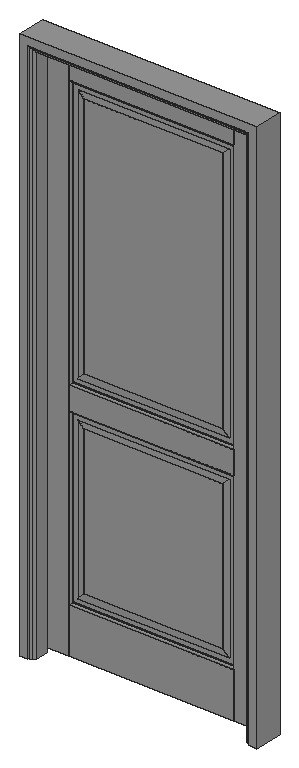
Revit family "I2P ECONO", category Doors, host Wall, Revit 2013
Parameters (values of type "I2P ECONO")
  Function = Interior
  Frame Projection Ext. = 25 mm
  Frame Projection Int. = 25 mm
  Frame Width = 75 mm
  Height = 2090 mm
  Wall Closure = By host
  Width = 889 mm
Reference planes
  plane 1: y = 0
  plane 2 "Center (Left/Right)": x = 0
  plane 3 "Left": x = -444.5
  plane 4 "Right": x = 444.5
  plane 5: z = 2090
  plane 6 "Exterior": y = 75
  plane 7 "Interior": y = -75
Forms (mm)
  Sweep 1, solid, material "Lauan, Meranti"
    path origin (0, 75, 0) x (1, 0, 0) y (0, 0, 1)
      loop
        line (444.5, 0) -> (444.5, 2090) -> (-444.5, 2090) -> (-444.5, 0)
    profile "Van Acht 105x50 Door Frame Routed Profile (Heavy) : Van Acht 105x50 Door Frame Routed Profile (Heavy)" origin (444.5, 75, 1045) x (-1, 0, 0) y (0, -1, 0)
      loop
        line (0, 22.5) -> (38, 22.5) -> (38, 67.5) -> (50, 67.5) -> (50, 112.5)
        arc (50, 112.5) -> (44.957, 114.29) -> (42.17, 118.859) r 8
        line (42.17, 118.859) -> (39, 118.859)
        arc (39, 118.859) -> (35.311, 122.973) -> (30, 124.5) r 10
        line (30, 124.5) -> (30, 127.5) -> (0, 127.5) -> (0, 22.5)
  Extrusion 2, solid, material "Lauan, Meranti"
    sketch origin (0, -85, 0) x (0, 1, 0) y (0, 0, 1)
      loop
        line (132.5, 20) -> (132.5, 191) -> (130.5, 191)
        arc (130.5, 191) -> (128.866, 195.67) -> (124.5, 198) r 6.807
        line (124.5, 198) -> (124.5, 200) -> (122.5, 200) -> (122.5, 185) -> (102.5, 185) -> (102.5, 200) -> (100.5, 200) -> (100.5, 198)
        arc (100.5, 198) -> (96.134, 195.67) -> (94.5, 191) r 6.807
        line (94.5, 191) -> (92.5, 191) -> (92.5, 20) -> (132.5, 20)
      loop
        line (132.5, 844) -> (132.5, 931) -> (130.5, 931)
        arc (130.5, 931) -> (128.866, 935.67) -> (124.5, 938) r 6.807
        line (124.5, 938) -> (124.5, 940) -> (122.5, 940) -> (122.5, 925) -> (102.5, 925) -> (102.5, 940) -> (100.5, 940) -> (100.5, 938)
        arc (100.5, 938) -> (96.134, 935.67) -> (94.5, 931) r 6.807
        line (94.5, 931) -> (92.5, 931) -> (92.5, 844) -> (94.5, 844)
        arc (94.5, 844) -> (96.134, 839.33) -> (100.5, 837) r 6.807
        line (100.5, 837) -> (100.5, 835) -> (102.5, 835) -> (102.5, 850) -> (122.5, 850) -> (122.5, 835) -> (124.5, 835) -> (124.5, 837)
        arc (124.5, 837) -> (128.866, 839.33) -> (130.5, 844) r 6.807
        line (130.5, 844) -> (132.5, 844)
      loop
        line (130.5, 1956) -> (132.5, 1956) -> (132.5, 2052) -> (92.5, 2052) -> (92.5, 1956) -> (94.5, 1956)
        arc (94.5, 1956) -> (96.134, 1951.33) -> (100.5, 1949) r 6.807
        line (100.5, 1949) -> (100.5, 1947) -> (102.5, 1947) -> (102.5, 1962) -> (122.5, 1962) -> (122.5, 1947) -> (124.5, 1947) -> (124.5, 1949)
        arc (124.5, 1949) -> (128.866, 1951.33) -> (130.5, 1956) r 6.807
    from -310.5 to 310.5
  Extrusion 3, solid, material "Lauan, Meranti"
    sketch origin (0, 0, 0) x (1, 0, 0) y (0, 1, 0)
      loop
        line (-406.5, 47.5) -> (-406.5, 7.5) -> (-310.5, 7.5) -> (-310.5, 9.5)
        arc (-310.5, 9.5) -> (-305.765, 11.06) -> (-303.5, 15.5) r 6.549
        line (-303.5, 15.5) -> (-301.5, 15.5) -> (-301.5, 17.5) -> (-316.5, 17.5) -> (-316.5, 37.5) -> (-301.5, 37.5) -> (-301.5, 39.5) -> (-303.5, 39.5)
        arc (-303.5, 39.5) -> (-305.765, 43.94) -> (-310.5, 45.5) r 6.549
        line (-310.5, 45.5) -> (-310.5, 47.5) -> (-406.5, 47.5)
      loop
        line (406.5, 47.5) -> (310.5, 47.5) -> (310.5, 45.5)
        arc (310.5, 45.5) -> (305.765, 43.94) -> (303.5, 39.5) r 6.549
        line (303.5, 39.5) -> (301.5, 39.5) -> (301.5, 37.5) -> (316.5, 37.5) -> (316.5, 17.5) -> (301.5, 17.5) -> (301.5, 15.5) -> (303.5, 15.5)
        arc (303.5, 15.5) -> (305.765, 11.06) -> (310.5, 9.5) r 6.549
        line (310.5, 9.5) -> (310.5, 7.5) -> (406.5, 7.5) -> (406.5, 47.5)
    from 20 to 2052
  Sweep 4, solid, material "Lauan, Meranti"
    path origin (0, 75, 0) x (1, 0, 0) y (0, 0, 1)
      loop
        line (310.5, 844) -> (-310.5, 844) -> (-310.5, 191) -> (310.5, 191) -> (310.5, 844)
    profile origin (0, 75, 844) x (0, 0, -1) y (0, -1, 0)
      loop
        line (-4.5, 57.5) -> (-4.5, 37.5) -> (25.727, 37.5)
        arc (25.727, 37.5) -> (37.124, 37.25) -> (48.5, 36.5) r 259.807
        line (48.5, 36.5) -> (48.5, 58.5)
        arc (48.5, 58.5) -> (37.124, 57.75) -> (25.727, 57.5) r 259.807
        line (25.727, 57.5) -> (-4.5, 57.5)
  Extrusion 5, solid, material "Lauan, Meranti"
    sketch origin (0, 75, 0) x (1, 0, 0) y (0, 0, 1)
      loop
        line (262, 795.5) -> (-262, 795.5) -> (-262, 239.5) -> (262, 239.5) -> (262, 795.5)
    from 36.5 to 58.5
  Sweep 6, solid, material "Lauan, Meranti"
    path origin (0, 75, 740) x (1, 0, 0) y (0, 0, 1)
      loop
        line (310.5, 1216) -> (-310.5, 1216) -> (-310.5, 191) -> (310.5, 191) -> (310.5, 1216)
    profile origin (0, 75, 1956) x (0, 0, -1) y (0, -1, 0)
      loop
        line (-4.5, 57.5) -> (-4.5, 37.5) -> (25.727, 37.5)
        arc (25.727, 37.5) -> (37.124, 37.25) -> (48.5, 36.5) r 259.807
        line (48.5, 36.5) -> (48.5, 58.5)
        arc (48.5, 58.5) -> (37.124, 57.75) -> (25.727, 57.5) r 259.807
        line (25.727, 57.5) -> (-4.5, 57.5)
  Extrusion 7, solid, material "Lauan, Meranti"
    sketch origin (0, 75, 740) x (1, 0, 0) y (0, 0, 1)
      loop
        line (262, 1167.5) -> (-262, 1167.5) -> (-262, 239.5) -> (262, 239.5) -> (262, 1167.5)
    from 36.5 to 58.5
Lines and regions (mm)
  Opening 1
    outline origin (-3050, -75, 0) x (1, 0, 0) y (0, 0, 1)
      loop
        line (2605.5, 0) -> (3494.5, 0) -> (3494.5, 2090) -> (2605.5, 2090) -> (2605.5, 0)
  symbolic lines, style "Elevation Swing"
    curve 1: line (444.5, -75, 1045) -> (-444.5, -75, 2090)
    curve 2: line (444.5, -75, 1045) -> (-444.5, -75, 0)
  model lines
    curve 3: line (406.5, 52.5, 0) -> (406.5, 865.5, 0)
    curve 4: arc (-406.5, 52.5, 0) -> (-168.378, 627.378, 0) -> (406.5, 865.5, 0) r 813
Text (mm)
  text "Exterior" at (-2295.016, 1099.543, 0), in view "Ref. Level"
  text "Exterior" at (0, 1615.38, 3698.081), in view "Left"
  text "Exterior" at (0, 1036.032, 3874.932), in view "Right"
Dimensions and locks
  equal spacing: plane 3 "Left", plane 2 "Center (Left/Right)", plane 4 "Right"
  "Width": plane 3 "Left" to plane 4 "Right"
  "Height": plane 5 to host wall
  equal spacing: host wall, curve 2, plane 5
  host wall to plane 5 = 2090 mm
  locked: plane 6 "Exterior" to host wall at 0
  locked: plane 7 "Interior" to host wall
  plane 3 "Left" to plane 4 "Right" = 889 mm
  Sweep 1 to Sweep 1 = 813 mm
  Extrusion 3 to Sweep 1 = 2032 mm
  aligned and locked: plane 3 "Left" to Opening 1 sketch curve
  aligned and locked: plane 5 to Opening 1 sketch curve  (x2)
  aligned and locked: Opening 1 sketch curve to plane 4 "Right"
  aligned and locked: Opening 1 sketch curve to level
  aligned and locked: plane 5 to curve 1
  aligned and locked: plane 3 "Left" to curve 2
  aligned and locked: plane 1 to host wall
  aligned and locked: plane 3 "Left" to curve 1
Automatic sketch dimensions
  plane 4 "Right" to curve 2 = 0 mm
  curve 2 to level = 0 mm
  plane 3 "Left" to Sweep 1 sketch curve = 0 mm
  plane 4 "Right" to Sweep 1 sketch curve = 0 mm
  Sweep 1 sketch curve to plane 5 = 0 mm
  Sweep 1 sketch curve to level = 0 mm  (x2)
  Extrusion 2 sketch curve to host wall = 7.5 mm  (x3)
  level to Extrusion 2 sketch curve = 20 mm
  Extrusion 2 sketch curve to Extrusion 2 sketch curve = 2 mm  (x22)
  Extrusion 2 sketch curve to Extrusion 2 sketch curve = 6 mm  (x12)
  Extrusion 2 sketch curve to Extrusion 2 sketch curve = 20 mm  (x4)
  Extrusion 2 sketch curve to host wall = 27.5 mm
  Extrusion 2 sketch curve to Extrusion 2 sketch curve = 1.197 mm  (x8)
  Extrusion 2 sketch curve to Extrusion 2 sketch curve = 165 mm
  Extrusion 2 sketch curve to Extrusion 2 sketch curve = 7 mm  (x8)
  Extrusion 2 sketch curve to Extrusion 2 sketch curve = 635 mm
  Extrusion 2 sketch curve to Extrusion 2 sketch curve = 0 mm  (x2)
  Extrusion 2 sketch curve to Extrusion 2 sketch curve = 6.241 mm  (x2)
  Extrusion 2 sketch curve to Extrusion 2 sketch curve = 75 mm
  plane 5 to Extrusion 2 sketch curve = 143 mm
  plane 5 to Extrusion 2 sketch curve = 38 mm
  Extrusion 3 sketch curve to host wall = 7.5 mm  (x2)
  Extrusion 3 sketch curve to plane 3 "Left" = 38 mm
  Extrusion 3 sketch curve to host wall = 37.5 mm  (x2)
  Extrusion 3 sketch curve to Extrusion 3 sketch curve = 90 mm
  Extrusion 3 sketch curve to Extrusion 3 sketch curve = 6 mm  (x7)
  Extrusion 3 sketch curve to Extrusion 3 sketch curve = 7 mm  (x4)
  Extrusion 3 sketch curve to Extrusion 3 sketch curve = 2 mm  (x11)
  plane 4 "Right" to Extrusion 3 sketch curve = 143 mm
  Extrusion 3 sketch curve to Extrusion 3 sketch curve = 0 mm
  plane 4 "Right" to Extrusion 3 sketch curve = 38 mm
  Extrusion 3 sketch curve to Extrusion 3 sketch curve = 0.473 mm  (x2)
  Extrusion 3 sketch curve to Extrusion 3 sketch curve = 6.527 mm  (x2)
  Extrusion 3 sketch curve to Extrusion 3 sketch curve = 1.468 mm
  Sweep 4 sketch curve to plane 3 "Left" = 134 mm
  level to Sweep 4 sketch curve = 191 mm
  plane 4 "Right" to Sweep 4 sketch curve = 134 mm
  Sweep 4 sketch curve to Sweep 4 sketch curve = 653 mm
  profile plane to Sweep 4 sketch curve = 4.5 mm
  plane 6 "Exterior" to Sweep 4 sketch curve = 36.5 mm
  Sweep 4 sketch curve to profile plane = 25.727 mm
  Sweep 4 sketch curve to Sweep 4 sketch curve = 0 mm
  Sweep 4 sketch curve to Sweep 4 sketch curve = 22.773 mm
  plane 6 "Exterior" to Sweep 4 sketch curve = 37.5 mm
  Sweep 4 sketch curve to Sweep 4 sketch curve = 20 mm
  Sweep 4 sketch curve to Sweep 4 sketch curve = 22 mm
  Extrusion 5 sketch curve to plane 3 "Left" = 182.5 mm
  level to Extrusion 5 sketch curve = 239.5 mm
  plane 4 "Right" to Extrusion 5 sketch curve = 182.5 mm
  Extrusion 5 sketch curve to Extrusion 5 sketch curve = 556 mm
  plane 4 "Right" to curve 3 = 38 mm
  host wall to curve 3 = 790.5 mm
  curve 4 to host wall = 22.5 mm
  curve 3 to curve 4 = 0 mm
  profile plane to Sweep 6 sketch curve = 4.5 mm
  plane 6 "Exterior" to Sweep 6 sketch curve = 36.5 mm
  Sweep 6 sketch curve to profile plane = 25.727 mm
  Sweep 6 sketch curve to Sweep 6 sketch curve = 0 mm
  Sweep 6 sketch curve to Sweep 6 sketch curve = 22.773 mm
  plane 6 "Exterior" to Sweep 6 sketch curve = 37.5 mm
  Sweep 6 sketch curve to Sweep 6 sketch curve = 20 mm
  Sweep 6 sketch curve to Sweep 6 sketch curve = 22 mm
  Extrusion 7 sketch curve to plane 3 "Left" = 182.5 mm
  plane 4 "Right" to Extrusion 7 sketch curve = 182.5 mm
  level to Extrusion 7 sketch curve = 979.5 mm
  plane 5 to Extrusion 7 sketch curve = 182.5 mm
  Sweep 6 sketch curve to plane 3 "Left" = 134 mm
  plane 4 "Right" to Sweep 6 sketch curve = 134 mm
  level to Sweep 6 sketch curve = 931 mm
  plane 5 to Sweep 6 sketch curve = 134 mm
